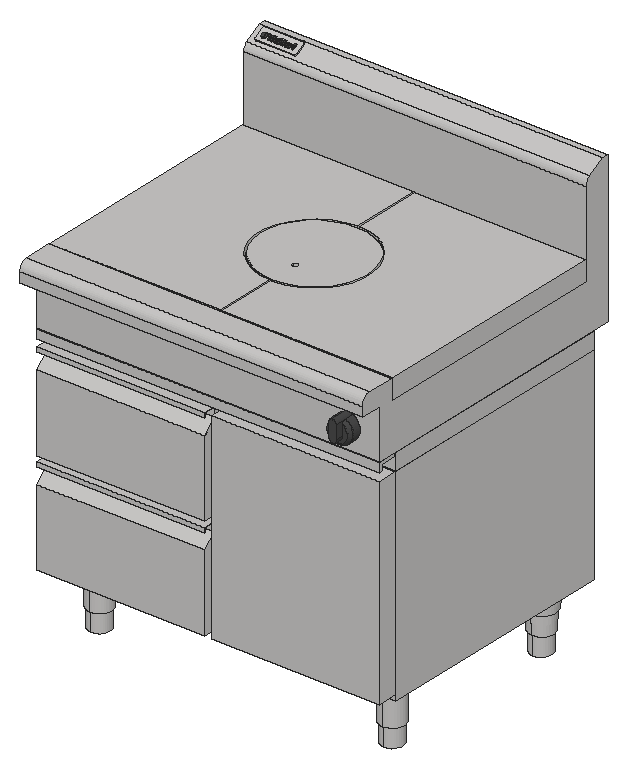
Revit family "QF_MOFFAT WALDORF_RN8100G-RB", category Specialty Equipment, Revit 2012
Parameters
  Width = 900 mm
  Weight in Pounds = 489.4256
  Watts = 250 W
  Volts = 240 V
  URL Cutsheet = "www.moffat.com"
  URL = "www.moffat.com"
  Type Mark [instance] = ""
  Status [instance] = ""
  Specification by User [instance] = ""
  Specification by Manufacturer = ""
  Show Logo [instance] = yes
  Show Clearance [instance] = yes
  Serial Number = ""
  Seismic Rating = ""
  SMACNA No = ""
  Revision Code [instance] = ""
  Phase = 1
  Omniclass Number and Title = ""
  Number of Poles = 1
  NAFEM Spec ID Number = ""
  Model = "RN8100G-RB"
  Min Ckt Ampacity = 0 A
  Mechanical Remarks = ""
  Mechanical Connection Type [instance] = ""
  Max Overcurrent Protection = 0 A
  Masterspec = ""
  Manufacturer = "MOFFAT WALDORF"
  Item Number [instance] = ""
  Installed By [instance] = ""
  Identify Quantity as Lot [instance] = yes
  Height = 1130 mm
  HP = ""
  Gas Size = 3/4"
  Gas RI Height [instance] = 0 mm
  Gas KW [instance] = 12.5
  Gas Input [instance] = 42652.0 Btu/h
  Gas Connection Height = 0 mm
  Furnished By [instance] = ""
  Foodservice Equipment Identifier [instance] = yes
  FL Amps = 1.8 A
  Electrical Remarks = ""
  Electric Connection Type = ""
  Elec Conn RI Height = 0 mm
  Elec Conn Connection Height = 0 mm
  Description = "TARGET TOP GAS HOB ON REFRIGERATED BASE"
  Depth = 805 mm
  Cycle = 50 Hz
  Conn Plug = ""
  Conn Conduit = yes
  CSI MasterFormat = ""
  CSI Master Format = ""
  Apparent Power = if(Phase = 3, Volts * FL Amps * 1.73, Volts * FL Amps)  # 432 VA
Reference planes
  plane 1 "BACK": y = 0
  plane 2: z = 0
  plane 3 "LEFT": x = 0
  plane 4 "RIGHT": x = 900
  plane 5 "FRONT": y = -805
  plane 6 "TOP": z = 1130
  plane 7 "Center Y": x = 450
  plane 8 "Center X": y = -402.5
  plane 9: x = 280
  plane 10: y = -574.272
  plane 11: x = 60
  plane 12: y = -304.972
  plane 13: y = -364.972
  plane 14: x = 74
  plane 15: y = -805
  plane 16: x = 834.5
  plane 17: y = -32
  plane 18: z = 655
  plane 19: x = 617
  plane 20: z = 402
  plane 21: y = -136
Forms (mm)
  Extrusion 1, solid, material "QF_Finishes_Stainless Steel"
    sketch origin (0, 0, 0) x (0, 1, 0) y (0, 0, 1)
      loop
        line (-46.73, 150) -> (-46.73, 690.402) -> (-696.73, 690.402) -> (-696.73, 150) -> (-46.73, 150)
      loop
        line (-16.5, 1130) -> (-58.709, 1105.631)
        arc (-58.709, 1105.631) -> (-66.975, 1097.365) -> (-70, 1086.074) r 22.582
        line (-70, 1086.074) -> (-70, 861.8) -> (-709, 861.8) -> (-709, 915) -> (-781, 915)
        arc (-781, 915) -> (-797.971, 907.971) -> (-805, 891) r 24
        line (-805, 891) -> (-805, 866) -> (-749, 866) -> (-749, 736.219) -> (0, 736.219) -> (0, 1130) -> (-16.5, 1130)
      loop
        line (-749, 710) -> (-740.224, 710) -> (-742.613, 726.999) -> (-700.93, 726.999) -> (-700.93, 734.003) -> (-749, 734.003) -> (-749, 710)
      loop
        line (-696.73, 734.003) -> (-696.73, 691.402) -> (-46.73, 691.402) -> (-46.73, 734.003) -> (-696.73, 734.003)
    from 0 to 900
  Extrusion 2, solid, material "QF_Finishes_Stainless Steel"
    sketch origin (0, 0, 0) x (0, 1, 0) y (0, 0, 1)
      loop
        line (-699, 690) -> (-749, 690) -> (-749, 678) -> (-747, 678) -> (-747, 688) -> (-715.13, 688) -> (-715.13, 665) -> (-749, 636.579) -> (-749, 434.8) -> (-699, 434.8) -> (-699, 690)
      loop
        line (-749, 165) -> (-699, 165) -> (-699, 420.2) -> (-749, 420.2) -> (-749, 408.2) -> (-747, 408.2) -> (-747, 418.2) -> (-715.13, 418.2) -> (-715.13, 395.2) -> (-749, 366.779) -> (-749, 165)
    from 0 to 440
  Extrusion 3, solid, material "QF_Finishes_Stainless Steel"
    sketch origin (723.5, 0, 0) x (0, 1, 0) y (0, 0, 1)
      loop
        line (-699, 690) -> (-749, 690) -> (-749, 165) -> (-699, 165) -> (-699, 690)
    from -263.5 to 176.5
  Extrusion 4, solid, material "QF_Finishes_Stainless Steel"
    sketch origin (0, 0, 0) x (0, 1, 0) y (0, 0, 1)
      loop
        line (-72.734, 915) -> (-705.7, 915) -> (-705.7, 862.8) -> (-72.734, 862.8) -> (-72.734, 915)
    from 0 to 900
  Revolve 5, solid, material "QF_Finishes_Black"
    sketch origin (824.351, 38.874, 1.132) x (0, 1, 0) y (0, 0, 1)
      loop
        line (-820.874, 829.5) -> (-831.874, 823.651) -> (-831.874, 797) -> (-787.874, 797) -> (-787.874, 802) -> (-797.874, 802) -> (-797.874, 829.5) -> (-820.874, 829.5)
      axis (-831.874, 797) -> (-787.874, 797)
    angle from 0 to 360
  Extrusion 6, solid, material "QF_Finishes_Black"
    sketch origin (676.544, 0, 1.132) x (1, 0, 0) y (0, 0, 1)
      loop
        line (158.3, 789) -> (158.3, 824)
        arc (158.3, 824) -> (148.3, 834) -> (138.3, 824) r 10
        line (138.3, 824) -> (138.3, 789)
        arc (138.3, 789) -> (148.3, 779) -> (158.3, 789) r 10
    from 759 to 808
  Extrusion 7, void
    sketch origin (0, -138, 915) x (1, 0, 0) y (0, -1, 0)
      loop
        circle (450, 262.2) r 140
      loop
        arc (452.2, 117.22) -> (594.802, 262.404) -> (451.798, 407.193) r 145.003
        line (451.798, 407.193) -> (451.798, 567.7) -> (447.7, 567.7) -> (447.7, 407.17)
        arc (447.7, 407.17) -> (305.533, 262.063) -> (447.967, 117.217) r 145.002
        line (447.967, 117.217) -> (447.967, -65.266) -> (452.2, -65.266) -> (452.2, 117.22)
      loop
        circle (450, 324.79) r 7.524
    from 0 to 10
  Revolve 8, solid, material "QF_Finishes_Stainless Steel"
    sketch origin (834.5, -696.126, 0) x (0, 1, 0) y (0, 0, -1)
      loop
        line (39.376, -150) -> (71.126, -150) -> (71.126, 0) -> (43.626, 0) -> (43.626, -50) -> (39.376, -50) -> (39.376, -150)
      axis (71.126, -150) -> (71.126, 0)
    angle from 0 to 360
  Revolve 9, solid, material "QF_Finishes_Stainless Steel"
    sketch origin (65.5, -696.126, 0) x (0, 1, 0) y (0, 0, 1)
      loop
        line (39.376, 150) -> (39.376, 50) -> (43.626, 50) -> (43.626, 0) -> (71.126, 0) -> (71.126, 150) -> (39.376, 150)
      axis (71.126, 150) -> (71.126, 0)
    angle from 0 to 360
  Extrusion 10, solid, material "QF_Finishes_Stainless Steel"
    sketch origin (-64.5, 0, 325) x (1, 0, 0) y (0, 1, 0)
      loop
        circle (834.5, -32) r 10
    from 330 to 411.219
  Revolve 11, solid, material "QF_Finishes_Stainless Steel"
    sketch origin (834.5, -201, 0) x (0, 1, 0) y (0, 0, -1)
      loop
        line (33.25, -50) -> (31.418, -102.468) -> (26.406, -102.468) -> (22.247, -150) -> (65, -150) -> (65, 0) -> (37.5, 0) -> (37.5, -50) -> (33.25, -50)
      axis (65, -150) -> (65, 0)
    angle from 0 to 360
  Revolve 12, solid, material "QF_Finishes_Stainless Steel"
    sketch origin (65.5, -201, 0) x (0, 1, 0) y (0, 0, 1)
      loop
        line (31.418, 102.468) -> (33.25, 50) -> (37.5, 50) -> (37.5, 0) -> (65, 0) -> (65, 150) -> (22.247, 150) -> (26.406, 102.468) -> (31.418, 102.468)
      axis (65, 150) -> (65, 0)
    angle from 0 to 360
  Extrusion 13, solid, material "QF_Finishes_Stainless Steel"
    sketch origin (0, -46.73, 826) x (0, 0, 1) y (1, 0, 0)
      loop
        circle (-424, 617) r 15
    from 0 to 5
  Extrusion 14, solid, material "QF_Door-Drawer Clearances", visible <- "Show Clearance", detail levels coarse
    sketch origin (0, -749, 676) x (0, 0, -1) y (1, 0, 0)
      loop
        line (511, 440) -> (255.8, 440) -> (255.8, 0) -> (511, 0) -> (511, 440)
      loop
        line (241.2, 440) -> (-14, 440) -> (-14, 0) -> (241.2, 0) -> (241.2, 440)
    from 0 to 304.8
Cuts and joins
  Extrusion 7 cuts Extrusion 1
  Extrusion 7 cuts Extrusion 4
Lines and regions (mm)
  Split face 1
    outline origin (0, -16.5, 1130) x (0, -0.866025, -0.5) y (1, 0, 0)
      loop
        line (1.962, 129.583) -> (34.599, 129.583) -> (34.599, 149.583) -> (1.962, 149.583) -> (1.962, 129.583)
  Split face 2
    outline origin (0, -16.5, 1130) x (0, -0.866025, -0.5) y (1, 0, 0)
      loop
        line (34.599, 156.5) -> (34.599, 176.5) -> (1.962, 176.5) -> (1.962, 156.5) -> (34.599, 156.5)
  Split face 3
    outline origin (0, -16.5, 1130) x (0, -0.866025, -0.5) y (1, 0, 0)
      loop
        line (34.599, 203.5) -> (1.962, 203.5) -> (1.962, 183.5) -> (34.599, 183.5) -> (34.599, 203.5)
  Split face 4
    outline origin (0, -16.5, 1130) x (0, -0.866025, -0.5) y (1, 0, 0)
      loop
        line (34.599, 230.5) -> (1.962, 230.5) -> (1.962, 210.5) -> (34.599, 210.5) -> (34.599, 230.5)
  Split face 5
    outline origin (0, -16.5, 1130) x (0, -0.866025, -0.5) y (1, 0, 0)
      loop
        line (34.599, 257.5) -> (1.962, 257.5) -> (1.962, 237.5) -> (34.599, 237.5) -> (34.599, 257.5)
  Split face 6
    outline origin (0, -16.5, 1130) x (0, -0.866025, -0.5) y (1, 0, 0)
      loop
        line (34.599, 264.5) -> (34.599, 284.5) -> (1.962, 284.5) -> (1.962, 264.5) -> (34.599, 264.5)
  Split face 7
    outline origin (0, -16.5, 1130) x (0, -0.866025, -0.5) y (1, 0, 0)
      loop
        line (34.599, 311.5) -> (1.962, 311.5) -> (1.962, 291.5) -> (34.599, 291.5) -> (34.599, 311.5)
  Split face 8
    outline origin (0, -16.5, 1130) x (0, -0.866025, -0.5) y (1, 0, 0)
      loop
        line (1.962, 638.5) -> (1.962, 618.5) -> (34.599, 618.5) -> (34.599, 638.5) -> (1.962, 638.5)
  Split face 9
    outline origin (0, -16.5, 1130) x (0, -0.866025, -0.5) y (1, 0, 0)
      loop
        line (1.962, 645.5) -> (34.599, 645.5) -> (34.599, 665.5) -> (1.962, 665.5) -> (1.962, 645.5)
  Split face 10
    outline origin (0, -16.5, 1130) x (0, -0.866025, -0.5) y (1, 0, 0)
      loop
        line (34.599, 672.5) -> (34.599, 692.5) -> (1.962, 692.5) -> (1.962, 672.5) -> (34.599, 672.5)
  Split face 11
    outline origin (0, -16.5, 1130) x (0, -0.866025, -0.5) y (1, 0, 0)
      loop
        line (34.599, 699.5) -> (34.599, 719.5) -> (1.962, 719.5) -> (1.962, 699.5) -> (34.599, 699.5)
  Split face 12
    outline origin (0, -16.5, 1130) x (0, -0.866025, -0.5) y (1, 0, 0)
      loop
        line (34.599, 726.5) -> (34.599, 746.5) -> (1.962, 746.5) -> (1.962, 726.5) -> (34.599, 726.5)
  Split face 13
    outline origin (0, -16.5, 1130) x (0, -0.866025, -0.5) y (1, 0, 0)
      loop
        line (1.962, 753.5) -> (34.599, 753.5) -> (34.599, 773.5) -> (1.962, 773.5) -> (1.962, 753.5)
  Split face 14
    outline origin (29.312, -16.5, 1130) x (0, -0.866025, -0.5) y (1, 0, 0)
      loop
        line (34.599, 311.5) -> (1.962, 311.5) -> (1.962, 291.5) -> (34.599, 291.5) -> (34.599, 311.5)
  Split face 15
    outline origin (58.539, -16.5, 1130) x (0, -0.866025, -0.5) y (1, 0, 0)
      loop
        line (34.599, 311.5) -> (1.962, 311.5) -> (1.962, 291.5) -> (34.599, 291.5) -> (34.599, 311.5)
  Split face 16
    outline origin (85.538, -16.5, 1130) x (0, -0.866025, -0.5) y (1, 0, 0)
      loop
        line (34.599, 311.5) -> (1.962, 311.5) -> (1.962, 291.5) -> (34.599, 291.5) -> (34.599, 311.5)
  Split face 17
    outline origin (111.014, -16.5, 1130) x (0, -0.866025, -0.5) y (1, 0, 0)
      loop
        line (34.599, 311.5) -> (1.962, 311.5) -> (1.962, 291.5) -> (34.599, 291.5) -> (34.599, 311.5)
  Split face 18
    outline origin (137.462, -16.5, 1130) x (0, -0.866025, -0.5) y (1, 0, 0)
      loop
        line (34.599, 311.5) -> (1.962, 311.5) -> (1.962, 291.5) -> (34.599, 291.5) -> (34.599, 311.5)
  Split face 19
    outline origin (163.546, -16.5, 1130) x (0, -0.866025, -0.5) y (1, 0, 0)
      loop
        line (34.599, 311.5) -> (1.962, 311.5) -> (1.962, 291.5) -> (34.599, 291.5) -> (34.599, 311.5)
  Split face 20
    outline origin (189.443, -16.5, 1130) x (0, -0.866025, -0.5) y (1, 0, 0)
      loop
        line (34.599, 311.5) -> (1.962, 311.5) -> (1.962, 291.5) -> (34.599, 291.5) -> (34.599, 311.5)
  Split face 21
    outline origin (215.891, -16.5, 1130) x (0, -0.866025, -0.5) y (1, 0, 0)
      loop
        line (34.599, 311.5) -> (1.962, 311.5) -> (1.962, 291.5) -> (34.599, 291.5) -> (34.599, 311.5)
  Split face 22
    outline origin (246.196, -16.5, 1130) x (0, -0.866025, -0.5) y (1, 0, 0)
      loop
        line (34.599, 311.5) -> (1.962, 311.5) -> (1.962, 291.5) -> (34.599, 291.5) -> (34.599, 311.5)
  Split face 23
    outline origin (274.297, -16.5, 1130) x (0, -0.866025, -0.5) y (1, 0, 0)
      loop
        line (34.599, 311.5) -> (1.962, 311.5) -> (1.962, 291.5) -> (34.599, 291.5) -> (34.599, 311.5)
  Split face 24
    outline origin (299.643, -16.5, 1130) x (0, -0.866025, -0.5) y (1, 0, 0)
      loop
        line (34.599, 311.5) -> (1.962, 311.5) -> (1.962, 291.5) -> (34.599, 291.5) -> (34.599, 311.5)
  Split face 25
    outline origin (738.5, -749, 676) x (0, 0, -1) y (1, 0, 0)
      loop
        circle (252.392, -256.833) r 12
  Split face 26
    outline origin (723.5, -749, 676) x (0, 0, -1) y (1, 0, 0)
      loop
        line (41.995, -123.718) -> (57.195, -123.718) -> (57.195, 124.006) -> (41.995, 124.006) -> (41.995, -123.718)
  Split face 27
    outline origin (723.5, -749, 676) x (0, 0, -1) y (1, 0, 0)
      loop
        line (76.995, 124.016) -> (61.795, 124.016) -> (61.795, -123.709) -> (76.995, -123.709) -> (76.995, 124.016)
  Split face 28
    outline origin (723.5, -749, 626) x (0, 0, -1) y (1, 0, 0)
      loop
        line (41.995, -123.718) -> (57.195, -123.718) -> (57.195, 124.006) -> (41.995, 124.006) -> (41.995, -123.718)
  Split face 29
    outline origin (723.5, -749, 626) x (0, 0, -1) y (1, 0, 0)
      loop
        line (76.995, 124.016) -> (61.795, 124.016) -> (61.795, -123.709) -> (76.995, -123.709) -> (76.995, 124.016)
  Split face 30
    outline origin (723.5, -749, 527.25) x (0, 0, -1) y (1, 0, 0)
      loop
        line (41.995, -123.718) -> (57.195, -123.718) -> (57.195, 124.006) -> (41.995, 124.006) -> (41.995, -123.718)
  Split face 31
    outline origin (723.5, -749, 527.25) x (0, 0, -1) y (1, 0, 0)
      loop
        line (76.995, 124.016) -> (61.795, 124.016) -> (61.795, -123.709) -> (76.995, -123.709) -> (76.995, 124.016)
  Split face 32
    outline origin (723.5, -749, 477.25) x (0, 0, -1) y (1, 0, 0)
      loop
        line (41.995, -123.718) -> (57.195, -123.718) -> (57.195, 124.006) -> (41.995, 124.006) -> (41.995, -123.718)
  Split face 33
    outline origin (723.5, -749, 477.25) x (0, 0, -1) y (1, 0, 0)
      loop
        line (76.995, 124.016) -> (61.795, 124.016) -> (61.795, -123.709) -> (76.995, -123.709) -> (76.995, 124.016)
  Split face 34
    outline origin (723.5, -749, 427.25) x (0, 0, -1) y (1, 0, 0)
      loop
        line (41.995, -123.718) -> (57.195, -123.718) -> (57.195, 124.006) -> (41.995, 124.006) -> (41.995, -123.718)
  Split face 35
    outline origin (723.5, -749, 427.25) x (0, 0, -1) y (1, 0, 0)
      loop
        line (76.995, 124.016) -> (61.795, 124.016) -> (61.795, -123.709) -> (76.995, -123.709) -> (76.995, 124.016)
  Split face 36
    outline origin (723.5, -749, 377.25) x (0, 0, -1) y (1, 0, 0)
      loop
        line (41.995, -123.718) -> (57.195, -123.718) -> (57.195, 124.006) -> (41.995, 124.006) -> (41.995, -123.718)
  Split face 37
    outline origin (723.5, -749, 377.25) x (0, 0, -1) y (1, 0, 0)
      loop
        line (76.995, 124.016) -> (61.795, 124.016) -> (61.795, -123.709) -> (76.995, -123.709) -> (76.995, 124.016)
  Split face 38
    outline origin (723.5, -749, 676) x (0, 0, -1) y (1, 0, 0)
      loop
        circle (252.392, -241.833) r 2.802
  Split face 39
    outline origin (723.5, -749, 676) x (0, 0, -1) y (1, 0, 0)
      loop
        line (139.528, -30.303) -> (174.528, -30.303) -> (174.528, 56.898) -> (139.528, 56.898) -> (139.528, -30.303)
  Split face 40
    outline origin (723.5, -749, 676) x (0, 0, -1) y (1, 0, 0)
      loop
        line (145.571, -4.64) -> (168.235, -4.64) -> (168.235, 31.41) -> (145.571, 31.41) -> (145.571, -4.64)
  Split face 41
    outline origin (723.5, -749, 676) x (0, 0, -1) y (1, 0, 0)
      loop
        line (139.528, -77.279) -> (174.528, -77.279) -> (174.528, -44.492) -> (139.528, -44.492) -> (139.528, -77.279)
  symbolic lines
    curve 1: line (0, 0, 0) -> (0, -805, 0)
    curve 2: line (900, 0, 0) -> (0, 0, 0)
    curve 3: line (900, -805, 0) -> (900, 0, 0)
    curve 4: line (0, -70, 0) -> (900, -70, 0)
    curve 5: line (12.5, -51.234, 0) -> (12.5, -20.958, 0)
    curve 6: line (12.5, -20.958, 0) -> (121.5, -20.958, 0)
    curve 7: line (12.5, -51.234, 0) -> (121.5, -51.234, 0)
    curve 8: line (121.5, -20.958, 0) -> (121.5, -51.234, 0)
    curve 9: line (129.583, -22.262, 0) -> (129.583, -50.526, 0)
    curve 10: line (129.583, -50.526, 0) -> (149.583, -50.526, 0)
    curve 11: line (149.583, -50.526, 0) -> (149.583, -22.262, 0)
    curve 12: line (149.583, -22.262, 0) -> (129.583, -22.262, 0)
    curve 13: line (156.5, -22.262, 0) -> (156.5, -50.526, 0)
    curve 14: line (156.5, -50.526, 0) -> (176.5, -50.526, 0)
    curve 15: line (176.5, -50.526, 0) -> (176.5, -22.262, 0)
    curve 16: line (176.5, -22.262, 0) -> (156.5, -22.262, 0)
    curve 17: line (183.5, -22.262, 0) -> (183.5, -50.526, 0)
    curve 18: line (183.5, -50.526, 0) -> (203.5, -50.526, 0)
    curve 19: line (203.5, -50.526, 0) -> (203.5, -22.262, 0)
    curve 20: line (203.5, -22.262, 0) -> (183.5, -22.262, 0)
    curve 21: line (210.5, -22.262, 0) -> (210.5, -50.526, 0)
    curve 22: line (210.5, -50.526, 0) -> (230.5, -50.526, 0)
    curve 23: line (230.5, -50.526, 0) -> (230.5, -22.262, 0)
    curve 24: line (230.5, -22.262, 0) -> (210.5, -22.262, 0)
    curve 25: line (900, -805, 0) -> (0, -805, 0)
    curve 26: line (237.5, -22.262, 0) -> (237.5, -50.526, 0)
    curve 27: line (237.5, -50.526, 0) -> (257.5, -50.526, 0)
    curve 28: line (257.5, -50.526, 0) -> (257.5, -22.262, 0)
    curve 29: line (257.5, -22.262, 0) -> (237.5, -22.262, 0)
    curve 30: line (264.417, -22.262, 0) -> (264.417, -50.526, 0)
    curve 31: line (264.417, -50.526, 0) -> (284.417, -50.526, 0)
    curve 32: line (284.417, -50.526, 0) -> (284.417, -22.262, 0)
    curve 33: line (284.417, -22.262, 0) -> (264.417, -22.262, 0)
    curve 34: line (291.417, -22.262, 0) -> (291.417, -50.526, 0)
    curve 35: line (291.417, -50.526, 0) -> (311.417, -50.526, 0)
    curve 36: line (311.417, -50.526, 0) -> (311.417, -22.262, 0)
    curve 37: line (311.417, -22.262, 0) -> (291.417, -22.262, 0)
    curve 38: line (318.417, -22.262, 0) -> (318.417, -50.526, 0)
    curve 39: line (318.417, -50.526, 0) -> (338.417, -50.526, 0)
    curve 40: line (338.417, -50.526, 0) -> (338.417, -22.262, 0)
    curve 41: line (338.417, -22.262, 0) -> (318.417, -22.262, 0)
    curve 42: line (350.039, -22.262, 0) -> (350.039, -50.526, 0)
    curve 43: line (350.039, -50.526, 0) -> (370.039, -50.526, 0)
    curve 44: line (370.039, -50.526, 0) -> (370.039, -22.262, 0)
    curve 45: line (370.039, -22.262, 0) -> (350.039, -22.262, 0)
    curve 46: line (376.956, -22.262, 0) -> (376.956, -50.526, 0)
    curve 47: line (376.956, -50.526, 0) -> (396.956, -50.526, 0)
    curve 48: line (396.956, -50.526, 0) -> (396.956, -22.262, 0)
    curve 49: line (396.956, -22.262, 0) -> (376.956, -22.262, 0)
    curve 50: line (403.956, -22.262, 0) -> (403.956, -50.526, 0)
    curve 51: line (403.956, -50.526, 0) -> (423.956, -50.526, 0)
    curve 52: line (423.956, -50.526, 0) -> (423.956, -22.262, 0)
    curve 53: line (423.956, -22.262, 0) -> (403.956, -22.262, 0)
    curve 54: line (430.956, -22.262, 0) -> (430.956, -50.526, 0)
    curve 55: line (430.956, -50.526, 0) -> (450.956, -50.526, 0)
    curve 56: line (450.956, -50.526, 0) -> (450.956, -22.262, 0)
    curve 57: line (450.956, -22.262, 0) -> (430.956, -22.262, 0)
    curve 58: line (457.956, -22.262, 0) -> (457.956, -50.526, 0)
    curve 59: line (457.956, -50.526, 0) -> (477.956, -50.526, 0)
    curve 60: line (477.956, -50.526, 0) -> (477.956, -22.262, 0)
    curve 61: line (477.956, -22.262, 0) -> (457.956, -22.262, 0)
    curve 62: line (484.872, -22.262, 0) -> (484.872, -50.526, 0)
    curve 63: line (484.872, -50.526, 0) -> (504.872, -50.526, 0)
    curve 64: line (504.872, -50.526, 0) -> (504.872, -22.262, 0)
    curve 65: line (504.872, -22.262, 0) -> (484.872, -22.262, 0)
    curve 66: line (511.872, -22.262, 0) -> (511.872, -50.526, 0)
    curve 67: line (511.872, -50.526, 0) -> (531.872, -50.526, 0)
    curve 68: line (531.872, -50.526, 0) -> (531.872, -22.262, 0)
    curve 69: line (531.872, -22.262, 0) -> (511.872, -22.262, 0)
    curve 70: line (538.872, -22.262, 0) -> (538.872, -50.526, 0)
    curve 71: line (538.872, -50.526, 0) -> (558.872, -50.526, 0)
    curve 72: line (558.872, -50.526, 0) -> (558.872, -22.262, 0)
    curve 73: line (558.872, -22.262, 0) -> (538.872, -22.262, 0)
    curve 74: line (565.797, -22.262, 0) -> (565.797, -50.526, 0)
    curve 75: line (565.797, -50.526, 0) -> (585.797, -50.526, 0)
    curve 76: line (585.797, -50.526, 0) -> (585.797, -22.262, 0)
    curve 77: line (585.797, -22.262, 0) -> (565.797, -22.262, 0)
    curve 78: line (592.714, -22.262, 0) -> (592.714, -50.526, 0)
    curve 79: line (592.714, -50.526, 0) -> (612.714, -50.526, 0)
    curve 80: line (612.714, -50.526, 0) -> (612.714, -22.262, 0)
    curve 81: line (612.714, -22.262, 0) -> (592.714, -22.262, 0)
    curve 82: line (619.714, -22.262, 0) -> (619.714, -50.526, 0)
    curve 83: line (619.714, -50.526, 0) -> (639.714, -50.526, 0)
    curve 84: line (639.714, -50.526, 0) -> (639.714, -22.262, 0)
    curve 85: line (639.714, -22.262, 0) -> (619.714, -22.262, 0)
    curve 86: line (646.714, -22.262, 0) -> (646.714, -50.526, 0)
    curve 87: line (646.714, -50.526, 0) -> (666.714, -50.526, 0)
    curve 88: line (666.714, -50.526, 0) -> (666.714, -22.262, 0)
    curve 89: line (666.714, -22.262, 0) -> (646.714, -22.262, 0)
    curve 90: line (673.714, -22.262, 0) -> (673.714, -50.526, 0)
    curve 91: line (673.714, -50.526, 0) -> (693.714, -50.526, 0)
    curve 92: line (693.714, -50.526, 0) -> (693.714, -22.262, 0)
    curve 93: line (693.714, -22.262, 0) -> (673.714, -22.262, 0)
    curve 94: line (700.631, -22.262, 0) -> (700.631, -50.526, 0)
    curve 95: line (700.631, -50.526, 0) -> (720.631, -50.526, 0)
    curve 96: line (720.631, -50.526, 0) -> (720.631, -22.262, 0)
    curve 97: line (720.631, -22.262, 0) -> (700.631, -22.262, 0)
    curve 98: line (727.631, -22.262, 0) -> (727.631, -50.526, 0)
    curve 99: line (727.631, -50.526, 0) -> (747.631, -50.526, 0)
    curve 100: line (747.631, -50.526, 0) -> (747.631, -22.262, 0)
    curve 101: line (747.631, -22.262, 0) -> (727.631, -22.262, 0)
    curve 102: line (754.631, -22.262, 0) -> (754.631, -50.526, 0)
    curve 103: line (754.631, -50.526, 0) -> (774.631, -50.526, 0)
    curve 104: line (774.631, -50.526, 0) -> (774.631, -22.262, 0)
    curve 105: line (774.631, -22.262, 0) -> (754.631, -22.262, 0)
    curve 106: line (447.967, -72.734, 0) -> (447.967, -255.217, 0)
    curve 107: arc (452.2, -255.22, 0) -> (594.802, -400.404, 0) -> (451.798, -545.193, 0) r 145.003
    curve 108: line (452.2, -255.22, 0) -> (452.2, -72.734, 0)
    curve 109: arc (590, -400.2, 0) -> (450, -260.2, 0) -> (310, -400.2, 0) r 140
    curve 110: arc (447.7, -545.17, 0) -> (305.533, -400.063, 0) -> (447.967, -255.217, 0) r 145.002
    curve 111: arc (310, -400.2, 0) -> (450, -540.2, 0) -> (590, -400.2, 0) r 140
    curve 112: line (451.798, -705.7, 0) -> (451.798, -545.193, 0)
    curve 113: line (447.7, -545.17, 0) -> (447.7, -705.7, 0)
    curve 114: line (900, -709, 0) -> (0, -709, 0)
    curve 115: line (0, -705.7, 0) -> (900, -705.7, 0)
    curve 116: line (900, -72.734, 0) -> (0, -72.734, 0)
    curve 117: arc (442.476, -462.79, 0) -> (450, -455.266, 0) -> (457.524, -462.79, 0) r 7.524
    curve 118: arc (457.524, -462.79, 0) -> (450, -470.314, 0) -> (442.476, -462.79, 0) r 7.524
  symbolic lines, style "QF_Door-Drawer Clearances", visible <- "Show Clearance"
    curve 119: line (0, -1053.8, 0) -> (440, -1053.8, 0)
    curve 120: line (440, -1053.8, 0) -> (440, -805, 0)
    curve 121: line (0, -1053.8, 0) -> (0, -805, 0)
Dimensions and locks
  equal spacing: plane 3 "LEFT", plane 7 "Center Y", plane 4 "RIGHT"
  "Width": plane 3 "LEFT" to plane 4 "RIGHT"
  equal spacing: plane 5 "FRONT", plane 8 "Center X", plane 1 "BACK"
  plane 5 "FRONT" to plane 1 "BACK" = 805 mm  (x2)
  equal spacing: plane 4 "RIGHT", plane 7 "Center Y", plane 3 "LEFT"
  plane 4 "RIGHT" to plane 3 "LEFT" = 900 mm
  "Height": plane 6 "TOP" to level
  plane 10 to plane 1 "BACK" = 574.272 mm
  plane 12 to plane 1 "BACK" = 304.972 mm  (x2)
  plane 11 to plane 3 "LEFT" = 60 mm
  plane 14 to plane 3 "LEFT" = 74 mm
  plane 9 to plane 3 "LEFT" = 280 mm
  "Depth": plane 1 "BACK" to plane 15
  plane 15 to plane 5 "FRONT" = 0 mm
  plane 6 "TOP" to plane 2 = 1130 mm
  cut or joined group of Extrusion 1, Extrusion 7 to level = 915 mm
  level to cut or joined group of Extrusion 1, Extrusion 7 = 150 mm
  plane 19 to plane 4 "RIGHT" = 283 mm
  aligned and locked: level to plane 2
  aligned and locked: curve 3 to plane 4 "RIGHT"
  aligned and locked: Extrusion 1 to Extrusion 4  (x2)
Automatic sketch dimensions
  Extrusion 1 to Split face 1 sketch curve = 1.962 mm
  Split face 1 sketch curve to Extrusion 1 = 14.14 mm
  Split face 1 sketch curve to Extrusion 1 = 129.583 mm
  Split face 1 sketch curve to Split face 1 sketch curve = 20 mm
  Extrusion 1 to Split face 2 sketch curve = 1.962 mm
  Split face 2 sketch curve to Extrusion 1 = 14.14 mm
  Split face 2 sketch curve to Extrusion 1 = 156.5 mm
  Split face 2 sketch curve to Split face 2 sketch curve = 20 mm
  Extrusion 1 to Split face 3 sketch curve = 1.962 mm
  Split face 3 sketch curve to Extrusion 1 = 14.14 mm
  Split face 3 sketch curve to Extrusion 1 = 183.5 mm
  Split face 3 sketch curve to Split face 3 sketch curve = 20 mm
  Extrusion 1 to Split face 4 sketch curve = 1.962 mm
  Split face 4 sketch curve to Extrusion 1 = 14.14 mm
  Split face 4 sketch curve to Extrusion 1 = 210.5 mm
  Split face 4 sketch curve to Split face 4 sketch curve = 20 mm
  Extrusion 1 to Split face 5 sketch curve = 1.962 mm
  Split face 5 sketch curve to Extrusion 1 = 14.14 mm
  Split face 5 sketch curve to Extrusion 1 = 237.5 mm
  Split face 5 sketch curve to Split face 5 sketch curve = 20 mm
  Extrusion 1 to Split face 6 sketch curve = 1.962 mm
  Split face 6 sketch curve to Extrusion 1 = 14.14 mm
  Split face 6 sketch curve to Extrusion 1 = 264.5 mm
  Split face 6 sketch curve to Split face 6 sketch curve = 20 mm
  Extrusion 1 to Split face 7 sketch curve = 1.962 mm
  Split face 7 sketch curve to Extrusion 1 = 14.14 mm
  Split face 7 sketch curve to Extrusion 1 = 291.5 mm
  Split face 7 sketch curve to Split face 7 sketch curve = 20 mm
  Extrusion 1 to Split face 8 sketch curve = 1.962 mm
  Split face 8 sketch curve to Extrusion 1 = 14.14 mm
  Split face 8 sketch curve to Extrusion 1 = 281.5 mm
  Split face 8 sketch curve to Split face 8 sketch curve = 20 mm
  Extrusion 1 to Split face 9 sketch curve = 1.962 mm
  Split face 9 sketch curve to Extrusion 1 = 14.14 mm
  Split face 9 sketch curve to Extrusion 1 = 254.5 mm
  Split face 9 sketch curve to Split face 9 sketch curve = 20 mm
  Extrusion 1 to Split face 10 sketch curve = 1.962 mm
  Split face 10 sketch curve to Extrusion 1 = 14.14 mm
  Split face 10 sketch curve to Extrusion 1 = 227.5 mm
  Split face 10 sketch curve to Split face 10 sketch curve = 20 mm
  Extrusion 1 to Split face 11 sketch curve = 1.962 mm
  Split face 11 sketch curve to Extrusion 1 = 14.14 mm
  Split face 11 sketch curve to Extrusion 1 = 200.5 mm
  Split face 11 sketch curve to Split face 11 sketch curve = 20 mm
  Extrusion 1 to Split face 12 sketch curve = 1.962 mm
  Split face 12 sketch curve to Extrusion 1 = 14.14 mm
  Split face 12 sketch curve to Extrusion 1 = 173.5 mm
  Split face 12 sketch curve to Split face 12 sketch curve = 20 mm
  Extrusion 1 to Split face 13 sketch curve = 1.962 mm
  Split face 13 sketch curve to Extrusion 1 = 14.14 mm
  Split face 13 sketch curve to Extrusion 1 = 146.5 mm
  Split face 13 sketch curve to Split face 13 sketch curve = 20 mm
  Extrusion 2 sketch curve to plane 5 "FRONT" = 56 mm  (x2)
  Extrusion 2 sketch curve to plane 18 = 18.421 mm
  Extrusion 2 sketch curve to Extrusion 2 sketch curve = 0 mm  (x3)
  plane 20 to Extrusion 2 sketch curve = 6.2 mm
  Extrusion 2 sketch curve to Extrusion 2 sketch curve = 2 mm  (x4)
  Extrusion 2 sketch curve to plane 20 = 6.8 mm
  Extrusion 2 sketch curve to Extrusion 2 sketch curve = 31.87 mm  (x2)
  plane 18 to Extrusion 2 sketch curve = 10 mm
  Extrusion 2 sketch curve to Extrusion 2 sketch curve = 16.13 mm
  Extrusion 2 sketch curve to plane 20 = 35.221 mm
  level to Extrusion 2 sketch curve = 165 mm
  plane 20 to Extrusion 2 sketch curve = 16.2 mm
  Extrusion 2 sketch curve to Extrusion 2 sketch curve = 14.6 mm
  plane 18 to Extrusion 2 sketch curve = 23 mm
  Extrusion 2 sketch curve to Extrusion 2 sketch curve = 10 mm
  Extrusion 3 sketch curve to plane 5 "FRONT" = 56 mm
  Extrusion 3 sketch curve to Extrusion 3 sketch curve = 50 mm
  level to Extrusion 3 sketch curve = 165 mm
  plane 18 to Extrusion 3 sketch curve = 35 mm
  Extrusion 4 sketch curve to plane 5 "FRONT" = 99.3 mm
  Extrusion 4 sketch curve to plane 17 = 40.734 mm
  plane 18 to Extrusion 4 sketch curve = 207.8 mm
  Extrusion 4 sketch curve to Extrusion 4 sketch curve = 52.2 mm
  Extrusion 1 to Split face 14 sketch curve = 1.962 mm
  Split face 14 sketch curve to Extrusion 1 = 14.14 mm
  Split face 14 sketch curve to Extrusion 1 = 320.812 mm
  Split face 14 sketch curve to Split face 14 sketch curve = 20 mm
  Extrusion 1 to Split face 15 sketch curve = 1.962 mm
  Split face 15 sketch curve to Extrusion 1 = 14.14 mm
  Split face 15 sketch curve to Extrusion 1 = 350.039 mm
  Split face 15 sketch curve to Split face 15 sketch curve = 20 mm
  Extrusion 1 to Split face 16 sketch curve = 1.962 mm
  Split face 16 sketch curve to Extrusion 1 = 14.14 mm
  Split face 16 sketch curve to Extrusion 1 = 377.038 mm
  Split face 16 sketch curve to Split face 16 sketch curve = 20 mm
  Extrusion 1 to Split face 17 sketch curve = 1.962 mm
  Split face 17 sketch curve to Extrusion 1 = 14.14 mm
  Split face 17 sketch curve to Extrusion 1 = 402.514 mm
  Split face 17 sketch curve to Split face 17 sketch curve = 20 mm
  Extrusion 1 to Split face 18 sketch curve = 1.962 mm
  Split face 18 sketch curve to Extrusion 1 = 14.14 mm
  Split face 18 sketch curve to Extrusion 1 = 428.962 mm
  Split face 18 sketch curve to Split face 18 sketch curve = 20 mm
  Extrusion 1 to Split face 19 sketch curve = 1.962 mm
  Split face 19 sketch curve to Extrusion 1 = 14.14 mm
  Split face 19 sketch curve to Extrusion 1 = 444.954 mm
  Split face 19 sketch curve to Split face 19 sketch curve = 20 mm
  Extrusion 1 to Split face 20 sketch curve = 1.962 mm
  Split face 20 sketch curve to Extrusion 1 = 14.14 mm
  Split face 20 sketch curve to Extrusion 1 = 419.057 mm
  Split face 20 sketch curve to Split face 20 sketch curve = 20 mm
  Extrusion 1 to Split face 21 sketch curve = 1.962 mm
  Split face 21 sketch curve to Extrusion 1 = 14.14 mm
  Split face 21 sketch curve to Extrusion 1 = 392.609 mm
  Split face 21 sketch curve to Split face 21 sketch curve = 20 mm
  Extrusion 1 to Split face 22 sketch curve = 1.962 mm
  Split face 22 sketch curve to Extrusion 1 = 14.14 mm
  Split face 22 sketch curve to Extrusion 1 = 362.304 mm
  Split face 22 sketch curve to Split face 22 sketch curve = 20 mm
  Extrusion 1 to Split face 23 sketch curve = 1.962 mm
  Split face 23 sketch curve to Extrusion 1 = 14.14 mm
  Split face 23 sketch curve to Extrusion 1 = 334.203 mm
  Split face 23 sketch curve to Split face 23 sketch curve = 20 mm
  Extrusion 1 to Split face 24 sketch curve = 1.962 mm
  Split face 24 sketch curve to Extrusion 1 = 14.14 mm
  Split face 24 sketch curve to Extrusion 1 = 308.857 mm
  Split face 24 sketch curve to Split face 24 sketch curve = 20 mm
  Revolve 5 sketch curve to plane 5 "FRONT" = 12 mm
  Revolve 5 sketch curve to Revolve 5 sketch curve = 0 mm  (x2)
  Revolve 5 sketch curve to Revolve 5 sketch curve = 11 mm
  Revolve 5 sketch curve to Revolve 5 sketch curve = 12.7 mm
  Revolve 5 sketch curve to Revolve 5 sketch curve = 23 mm
  Revolve 5 sketch curve to Revolve 5 sketch curve = 10 mm
  plane 18 to Revolve 5 sketch curve = 143.132 mm
  Revolve 5 sketch curve to Revolve 5 sketch curve = 5 mm
  Revolve 5 sketch curve to Revolve 5 sketch curve = 26.651 mm
  Revolve 5 sketch curve to Revolve 5 sketch curve = 5.849 mm
  Extrusion 6 sketch curve to plane 16 = 19.656 mm
  Extrusion 6 sketch curve to plane 16 = 9.656 mm
  plane 18 to Extrusion 6 sketch curve = 135.132 mm
  Extrusion 6 sketch curve to Extrusion 6 sketch curve = 35 mm
  Extrusion 7 sketch curve to Extrusion 4 = 0 mm
  Extrusion 4 to Extrusion 7 sketch curve = 0 mm
  Extrusion 4 to Extrusion 7 sketch curve = 160.53 mm
  Extrusion 4 to Extrusion 7 sketch curve = 447.7 mm
  Extrusion 4 to Extrusion 7 sketch curve = 447.967 mm
  Extrusion 7 sketch curve to Extrusion 7 sketch curve = 2.099 mm
  Extrusion 7 sketch curve to Extrusion 7 sketch curve = 0.201 mm  (x2)
  Extrusion 7 sketch curve to Extrusion 7 sketch curve = 0.535 mm
  Extrusion 7 sketch curve to Extrusion 7 sketch curve = 4.098 mm
  Extrusion 7 sketch curve to Extrusion 7 sketch curve = 4.232 mm
  Extrusion 7 sketch curve to Extrusion 7 sketch curve = 0.022 mm
  Extrusion 7 sketch curve to Extrusion 7 sketch curve = 82.38 mm
  Extrusion 7 sketch curve to Extrusion 7 sketch curve = 62.587 mm
  Extrusion 7 sketch curve to Extrusion 7 sketch curve = 0.003 mm
  Extrusion 7 sketch curve to Extrusion 7 sketch curve = 0.004 mm
  Revolve 8 sketch curve to level = 0 mm
  Revolve 8 sketch curve to plane 10 = 82.478 mm
  Revolve 8 sketch curve to Revolve 8 sketch curve = 4.25 mm
  Revolve 8 sketch curve to Revolve 8 sketch curve = 27.5 mm  (x2)
  level to Revolve 8 sketch curve = 50 mm
  Revolve 8 sketch curve to Revolve 8 sketch curve = 0 mm
  Revolve 8 sketch curve to Revolve 8 sketch curve = 100 mm
  Revolve 8 sketch curve to Revolve 8 sketch curve = 55 mm
  Revolve 9 sketch curve to level = 0 mm
  Revolve 9 sketch curve to plane 10 = 82.478 mm
  Revolve 9 sketch curve to Revolve 9 sketch curve = 4.25 mm
  Revolve 9 sketch curve to Revolve 9 sketch curve = 27.5 mm  (x2)
  Revolve 9 sketch curve to level = 55 mm
  Revolve 9 sketch curve to Revolve 9 sketch curve = 50 mm
  Revolve 9 sketch curve to Revolve 9 sketch curve = 0 mm
  Revolve 9 sketch curve to Revolve 9 sketch curve = 100 mm
  Extrusion 10 sketch curve to plane 17 = 0 mm
  Extrusion 10 sketch curve to plane 16 = 64.5 mm
  Split face 25 sketch curve to Extrusion 3 = 21.667 mm
  Split face 25 sketch curve to Extrusion 3 = 258.608 mm
  Split face 26 sketch curve to Extrusion 3 = 55.995 mm
  Split face 26 sketch curve to Split face 26 sketch curve = 15.2 mm
  Split face 26 sketch curve to Extrusion 3 = 139.782 mm
  Split face 26 sketch curve to Extrusion 3 = 52.494 mm
  Split face 27 sketch curve to Extrusion 3 = 75.795 mm
  Split face 27 sketch curve to Split face 27 sketch curve = 15.2 mm
  Split face 27 sketch curve to Extrusion 3 = 139.791 mm
  Split face 27 sketch curve to Extrusion 3 = 52.484 mm
  Split face 28 sketch curve to Extrusion 3 = 52.494 mm
  Split face 28 sketch curve to Extrusion 3 = 105.995 mm
  Split face 28 sketch curve to Split face 28 sketch curve = 15.2 mm
  Split face 28 sketch curve to Extrusion 3 = 139.782 mm
  Split face 29 sketch curve to Extrusion 3 = 52.484 mm
  Split face 29 sketch curve to Extrusion 3 = 125.795 mm
  Split face 29 sketch curve to Split face 29 sketch curve = 15.2 mm
  Split face 29 sketch curve to Extrusion 3 = 139.791 mm
  Split face 30 sketch curve to Extrusion 3 = 52.494 mm
  Split face 30 sketch curve to Extrusion 3 = 204.745 mm
  Split face 30 sketch curve to Split face 30 sketch curve = 15.2 mm
  Split face 30 sketch curve to Extrusion 3 = 139.782 mm
  Split face 31 sketch curve to Extrusion 3 = 52.484 mm
  Split face 31 sketch curve to Extrusion 3 = 224.545 mm
  Split face 31 sketch curve to Split face 31 sketch curve = 15.2 mm
  Split face 31 sketch curve to Extrusion 3 = 139.791 mm
  Split face 32 sketch curve to Extrusion 3 = 52.494 mm
  Split face 32 sketch curve to Extrusion 3 = 254.745 mm
  Split face 32 sketch curve to Split face 32 sketch curve = 15.2 mm
  Split face 32 sketch curve to Extrusion 3 = 139.782 mm
  Split face 33 sketch curve to Extrusion 3 = 52.484 mm
  Split face 33 sketch curve to Extrusion 3 = 250.455 mm
  Split face 33 sketch curve to Split face 33 sketch curve = 15.2 mm
  Split face 33 sketch curve to Extrusion 3 = 139.791 mm
  Split face 34 sketch curve to Extrusion 3 = 52.494 mm
  Split face 34 sketch curve to Extrusion 3 = 220.255 mm
  Split face 34 sketch curve to Split face 34 sketch curve = 15.2 mm
  Split face 34 sketch curve to Extrusion 3 = 139.782 mm
  Split face 35 sketch curve to Extrusion 3 = 52.484 mm
  Split face 35 sketch curve to Extrusion 3 = 200.455 mm
  Split face 35 sketch curve to Split face 35 sketch curve = 15.2 mm
  Split face 35 sketch curve to Extrusion 3 = 139.791 mm
  Split face 36 sketch curve to Extrusion 3 = 52.494 mm
  Split face 36 sketch curve to Extrusion 3 = 170.255 mm
  Split face 36 sketch curve to Split face 36 sketch curve = 15.2 mm
  Split face 36 sketch curve to Extrusion 3 = 139.782 mm
  Split face 37 sketch curve to Extrusion 3 = 52.484 mm
  Split face 37 sketch curve to Extrusion 3 = 150.455 mm
  Split face 37 sketch curve to Split face 37 sketch curve = 15.2 mm
  Split face 37 sketch curve to Extrusion 3 = 139.791 mm
  Split face 38 sketch curve to Extrusion 3 = 21.667 mm
  Split face 38 sketch curve to Extrusion 3 = 258.608 mm
  Split face 39 sketch curve to Extrusion 3 = 153.528 mm
  Split face 39 sketch curve to Split face 39 sketch curve = 35 mm
  Split face 39 sketch curve to Extrusion 3 = 206.803 mm
  Split face 39 sketch curve to Split face 39 sketch curve = 87.201 mm
  Split face 40 sketch curve to Extrusion 3 = 159.571 mm
  Split face 40 sketch curve to Split face 40 sketch curve = 22.664 mm
  Split face 40 sketch curve to Extrusion 3 = 181.14 mm
  Split face 40 sketch curve to Split face 40 sketch curve = 36.05 mm
  Split face 41 sketch curve to Extrusion 3 = 153.528 mm
  Split face 41 sketch curve to Split face 41 sketch curve = 35 mm
  Split face 41 sketch curve to Extrusion 3 = 186.221 mm
  Split face 41 sketch curve to Split face 41 sketch curve = 32.787 mm
  Revolve 11 sketch curve to level = 0 mm
  Revolve 11 sketch curve to plane 21 = 0 mm  (x2)
  Revolve 11 sketch curve to plane 21 = 27.5 mm
  Revolve 11 sketch curve to Revolve 11 sketch curve = 4.25 mm
  Revolve 11 sketch curve to plane 21 = 33.582 mm
  Revolve 11 sketch curve to Revolve 11 sketch curve = 5.012 mm
  Revolve 11 sketch curve to plane 21 = 42.753 mm
  level to Revolve 11 sketch curve = 50 mm
  Revolve 11 sketch curve to Revolve 11 sketch curve = 0 mm
  Revolve 11 sketch curve to Revolve 11 sketch curve = 52.468 mm
  Revolve 11 sketch curve to Revolve 11 sketch curve = 47.532 mm
  Revolve 11 sketch curve to Revolve 11 sketch curve = 55 mm
  Revolve 12 sketch curve to level = 0 mm
  Revolve 12 sketch curve to plane 21 = 0 mm  (x2)
  Revolve 12 sketch curve to plane 21 = 27.5 mm
  Revolve 12 sketch curve to Revolve 12 sketch curve = 4.25 mm
  Revolve 12 sketch curve to plane 21 = 33.582 mm
  Revolve 12 sketch curve to Revolve 12 sketch curve = 5.012 mm
  Revolve 12 sketch curve to plane 21 = 42.753 mm
  Revolve 12 sketch curve to Revolve 12 sketch curve = 0 mm  (x2)
  Revolve 12 sketch curve to level = 55 mm
  Revolve 12 sketch curve to Revolve 12 sketch curve = 50 mm
  Revolve 12 sketch curve to Revolve 12 sketch curve = 52.468 mm
  Revolve 12 sketch curve to Revolve 12 sketch curve = 47.532 mm
  Extrusion 1 sketch curve to plane 5 "FRONT" = 0 mm
  Extrusion 1 sketch curve to plane 6 "TOP" = 0 mm
  plane 1 "BACK" to Extrusion 1 sketch curve = 46.73 mm
  Extrusion 1 sketch curve to plane 1 "BACK" = 0 mm
  Extrusion 1 sketch curve to plane 5 "FRONT" = 24 mm
  Extrusion 1 sketch curve to Extrusion 1 sketch curve = 32 mm
  Extrusion 1 sketch curve to Extrusion 1 sketch curve = 0 mm  (x2)
  Extrusion 1 sketch curve to Extrusion 1 sketch curve = 6.387 mm
  Extrusion 1 sketch curve to Extrusion 1 sketch curve = 8.776 mm
  Extrusion 1 sketch curve to Extrusion 1 sketch curve = 40 mm
  Extrusion 1 sketch curve to Extrusion 1 sketch curve = 41.683 mm
  Extrusion 1 sketch curve to Extrusion 1 sketch curve = 4.2 mm
  Extrusion 1 sketch curve to plane 17 = 38 mm
  Extrusion 1 sketch curve to Extrusion 1 sketch curve = 11.291 mm
  Extrusion 1 sketch curve to plane 17 = 15.418 mm
  Extrusion 1 sketch curve to plane 17 = 14.73 mm
  plane 17 to Extrusion 1 sketch curve = 15.5 mm
  Extrusion 1 sketch curve to plane 6 "TOP" = 24.369 mm
  Extrusion 1 sketch curve to plane 6 "TOP" = 215 mm
  Extrusion 1 sketch curve to Extrusion 1 sketch curve = 25 mm
  plane 18 to Extrusion 1 sketch curve = 206.8 mm
  plane 18 to Extrusion 1 sketch curve = 81.219 mm
  Extrusion 1 sketch curve to Extrusion 1 sketch curve = 2.216 mm  (x2)
  Extrusion 1 sketch curve to Extrusion 1 sketch curve = 7.004 mm
  Extrusion 1 sketch curve to Extrusion 1 sketch curve = 16.999 mm
  Extrusion 1 sketch curve to Extrusion 1 sketch curve = 1 mm
  plane 18 to Extrusion 1 sketch curve = 35.402 mm
  level to Extrusion 1 sketch curve = 150 mm
  Extrusion 13 sketch curve to Extrusion 1 = 252 mm
  Extrusion 1 to Extrusion 13 sketch curve = 283 mm
  Extrusion 14 sketch curve to Extrusion 2 = 0 mm  (x3)
  Extrusion 2 to Extrusion 14 sketch curve = 0 mm  (x2)
  Extrusion 2 to Extrusion 14 sketch curve = 53.421 mm
  Extrusion 2 to Extrusion 14 sketch curve = 14.6 mm
  Extrusion 14 sketch curve to Extrusion 14 sketch curve = 255.2 mm
  plane 1 "BACK" to curve 1 = 0 mm
  curve 1 to plane 3 "LEFT" = 0 mm
  curve 117 to plane 7 "Center Y" = 0 mm
  curve 111 to plane 7 "Center Y" = 0 mm
  plane 3 "LEFT" to curve 5 = 12.5 mm
  plane 17 to curve 8 = 11.042 mm
  plane 14 to curve 8 = 47.5 mm
  curve 7 to curve 10 = 8.083 mm
  plane 17 to curve 12 = 9.738 mm
  curve 9 to curve 12 = 20 mm
  curve 11 to curve 16 = 6.917 mm
  curve 13 to curve 15 = 20 mm
  curve 14 to curve 18 = 7 mm
  plane 17 to curve 20 = 9.738 mm
  curve 17 to curve 20 = 20 mm
  curve 18 to curve 21 = 7 mm
  curve 21 to curve 23 = 20 mm
  curve 22 to curve 26 = 7 mm
  plane 17 to curve 28 = 9.738 mm
  curve 26 to curve 28 = 20 mm
  curve 27 to curve 31 = 6.917 mm
  plane 9 to curve 33 = 4.417 mm
  curve 32 to curve 34 = 7 mm
  plane 8 "Center X" to curve 109 = 2.3 mm
  plane 9 to curve 109 = 30 mm
  curve 34 to curve 35 = 20 mm
  curve 36 to curve 38 = 7 mm
  curve 38 to curve 39 = 20 mm
  curve 40 to curve 42 = 11.622 mm
  curve 42 to curve 44 = 20 mm
  curve 43 to curve 47 = 6.917 mm
  curve 46 to curve 47 = 20 mm
  curve 47 to curve 51 = 7 mm
  plane 17 to curve 53 = 9.738 mm
  curve 50 to curve 53 = 20 mm
  curve 51 to curve 55 = 7 mm
  curve 120 to plane 7 "Center Y" = 10 mm
  curve 118 to plane 7 "Center Y" = 7.524 mm
  curve 110 to plane 7 "Center Y" = 2.3 mm
  curve 110 to plane 7 "Center Y" = 2.033 mm
  curve 107 to plane 7 "Center Y" = 0.201 mm
  plane 7 "Center Y" to curve 110 = 0.535 mm
  plane 7 "Center Y" to curve 57 = 0.956 mm
  plane 7 "Center Y" to curve 112 = 1.798 mm
  plane 7 "Center Y" to curve 108 = 2.2 mm
  curve 55 to curve 58 = 7 mm
  curve 58 to curve 60 = 20 mm
  curve 59 to curve 62 = 6.917 mm
  plane 17 to curve 65 = 9.738 mm
  curve 62 to curve 65 = 20 mm
  curve 64 to curve 69 = 7 mm
  curve 66 to curve 67 = 20 mm
  curve 68 to curve 70 = 7 mm
  curve 70 to curve 71 = 20 mm
  curve 71 to curve 75 = 6.924 mm
  plane 17 to curve 77 = 9.738 mm
  curve 74 to curve 77 = 20 mm
  curve 76 to curve 81 = 6.917 mm
  plane 19 to curve 79 = 4.286 mm
  curve 85 to plane 19 = 2.714 mm
  curve 82 to curve 83 = 20 mm
  curve 84 to curve 86 = 7 mm
  curve 86 to curve 87 = 20 mm
  curve 87 to curve 91 = 7 mm
  plane 17 to curve 93 = 9.738 mm
  curve 90 to curve 93 = 20 mm
  curve 92 to curve 94 = 6.917 mm
  plane 17 to curve 97 = 9.738 mm
  curve 94 to curve 97 = 20 mm
  curve 95 to curve 99 = 7 mm
  curve 98 to curve 99 = 20 mm
  curve 100 to curve 105 = 7 mm
  curve 102 to curve 104 = 20 mm
  plane 5 "FRONT" to curve 119 = 248.8 mm
  curve 114 to curve 115 = 3.3 mm
  plane 10 to curve 112 = 29.08 mm
  curve 112 to curve 113 = 0.022 mm
  curve 118 to plane 8 "Center X" = 60.29 mm
  curve 107 to curve 109 = 0.003 mm
  curve 109 to curve 110 = 0.004 mm
  curve 108 to plane 17 = 40.734 mm
  curve 116 to curve 4 = 2.734 mm
  curve 7 to plane 17 = 19.234 mm
  curve 28 to plane 17 = 18.526 mm
  curve 23 to curve 26 = 0 mm
  curve 27 to curve 30 = 0 mm
  curve 19 to curve 21 = 0 mm
  curve 31 to curve 34 = 0 mm
  curve 15 to curve 17 = 0 mm
  curve 35 to curve 38 = 0 mm
  curve 39 to curve 42 = 0 mm
  curve 7 to curve 9 = 0.709 mm
  curve 43 to curve 46 = 0 mm
  curve 104 to plane 17 = 18.526 mm
  curve 47 to curve 50 = 0 mm
  curve 100 to curve 102 = 0 mm  (x2)
  curve 51 to curve 54 = 0 mm
  curve 96 to curve 98 = 0 mm  (x2)
  curve 55 to curve 58 = 0 mm
  curve 92 to curve 94 = 0 mm
  curve 59 to curve 62 = 0 mm
  curve 88 to curve 90 = 0 mm
  curve 63 to curve 66 = 0 mm
  curve 84 to curve 86 = 0 mm  (x2)
  curve 67 to curve 70 = 0 mm
  curve 80 to curve 82 = 0 mm  (x2)
  curve 71 to curve 74 = 0 mm
  curve 76 to curve 78 = 0 mm
  plane 17 to curve 73 = 9.738 mm
  curve 64 to curve 69 = 0 mm
  plane 17 to curve 61 = 9.738 mm
  curve 52 to curve 57 = 0 mm
  plane 17 to curve 49 = 9.738 mm
  plane 17 to curve 45 = 9.738 mm
  plane 17 to curve 41 = 9.738 mm
  plane 17 to curve 37 = 9.738 mm
  curve 28 to curve 33 = 0 mm
  curve 19 to curve 24 = 0 mm
  curve 11 to curve 16 = 0 mm
  plane 5 "FRONT" to curve 3 = 0 mm
  curve 3 to curve 114 = 96 mm
  radius of Extrusion 7 sketch curve = 140 mm
  radius of Extrusion 7 sketch curve = 7.524 mm
  radius of Extrusion 10 sketch curve = 10 mm
  radius of Split face 25 sketch curve = 12 mm
  radius of Split face 38 sketch curve = 2.802 mm
  radius of Extrusion 13 sketch curve = 15 mm
Nested families
  nested 1: "WALDORF LOGO_FACE BASE" at (12.5, -21.284, 1127.238) x (1, 0, 0) z (0, -0.5, 0.866), visible <- "Show Logo", type "WALDORF LOGO_FACE BASE", detail levels medium+fine
    with Show Logo yes
Connectors
  piping at (770, -32, 655)
    settings: on Extrusion 10, index 4, connector radius 0.37402", flow factor 0, pipe flow 0 GPM, pressure drop 0.00 psi, fitting loss kfactor 0, connector angle 0.00°, fixture units 0, engagement length 0 mm, flow configuration 1, flow direction 1, fitting loss method 0, system type 7, joint type 0, gender type 0, connector reference index -1, connector utility 0, adjustable connector no, is connector primary yes, fitting loss table "", connector description "GAS CONNECTION"
  electrical at (617, -41.73, 402), driven by "Volts", driven by "Watts"
    settings: on Extrusion 13, index 5, voltage 240 V, apparent load 250 VA, apparent load phase1 0 VA, apparent load phase2 0 VA, apparent load phase3 0 VA, power factor 1, load classification "Other", number of poles 1, system type 30, power factor state 1, is connector primary yes, connector utility no, sub classification motor no, connector description "ELECTRICAL CONNECTION"
Definition of nested family "WALDORF LOGO_FACE BASE"
  Parameters (values of type "WALDORF LOGO_FACE BASE")
    Show Logo [instance] = yes
    Default Elevation = 1219.2 mm
  Reference planes
    plane 1 "Center (Front/Back)": y = 0
    plane 2: z = 0
    plane 3 "Center (Left/Right)": x = 0
  Forms (mm)
    Extrusion 1, solid
      sketch origin (0, 0, 0) x (1, 0, 0) y (0, 1, 0)
        loop
          line (-1219.2, 1219.2) -> (-1219.2, -1219.2) -> (1219.2, -1219.2) -> (1219.2, 1219.2) -> (-1219.2, 1219.2)
      from 0 to -304.8
    Extrusion 2, solid, material "QF_Finishes_Stainless Steel", visible <- "Show Logo"
      sketch origin (0, -33.217, 0) x (1, 0, 0) y (0, 1, 0)
        loop
          arc (5, 34.14) -> (1.464, 32.676) -> (0, 29.14) r 5
          line (0, 29.14) -> (0, 5)
          arc (0, 5) -> (1.464, 1.464) -> (5, 0) r 5
          line (5, 0) -> (104, 0)
          arc (104, 0) -> (107.536, 1.464) -> (109, 5) r 5
          line (109, 5) -> (109, 29.14)
          arc (109, 29.14) -> (107.536, 32.676) -> (104, 34.14) r 5
          line (104, 34.14) -> (5, 34.14)
      from 0 to 1.588
    Extrusion 3, solid, material "QF_Finishes_Black", visible <- "Show Logo"
      sketch origin (0, -33.217, 1.588) x (1, 0, 0) y (0, 1, 0)
        loop
          line (24.772, 23.214) -> (27.992, 10.301) -> (31.551, 10.301) -> (33.443, 17.364) -> (35.205, 10.301) -> (39.332, 10.301) -> (42.077, 23.214) -> (38.352, 23.214) -> (36.676, 15.33) -> (35, 23.214) -> (31.752, 23.214) -> (30.076, 15.33) -> (28.4, 23.214) -> (24.772, 23.214)
        loop
          line (42.272, 17.055) -> (45.703, 17.055)
          spline (45.703, 17.055) -> (45.741, 17.285) -> (45.852, 17.499) -> (46.028, 17.682) -> (46.258, 17.823) -> (46.526, 17.912) -> (46.813, 17.942) -> (47.1, 17.912) -> (47.368, 17.823) -> (47.597, 17.682) -> (47.774, 17.499) -> (47.884, 17.285) -> (47.922, 17.055)
          line (47.922, 17.055) -> (47.922, 16.222)
          arc (47.922, 16.222) -> (45.742, 16.014) -> (43.665, 15.317) r 9.604
          arc (43.665, 15.317) -> (41.924, 12.809) -> (43.665, 10.301) r 2.677
          arc (43.665, 10.301) -> (45.527, 10.353) -> (47.332, 10.816) r 8.365
          line (47.332, 10.816) -> (48.092, 11.105) -> (48.092, 10.301) -> (51.817, 10.301) -> (51.817, 17.055)
          spline (51.817, 17.055) -> (51.654, 17.821) -> (51.178, 18.535) -> (50.419, 19.148) -> (49.431, 19.619) -> (48.28, 19.914) -> (47.044, 20.015) -> (45.809, 19.914) -> (44.658, 19.619) -> (43.67, 19.148) -> (42.911, 18.535) -> (42.434, 17.821) -> (42.272, 17.055)
        loop
          line (53.151, 23.214) -> (53.151, 10.301) -> (57.37, 10.301) -> (57.37, 23.214) -> (53.151, 23.214)
        loop
          line (64.874, 23.214) -> (64.874, 18.857)
          arc (64.874, 18.857) -> (58.083, 15.11) -> (64.874, 11.363) r 4.429
          line (64.874, 11.363) -> (64.874, 10.301) -> (68.378, 10.301) -> (68.378, 23.214) -> (64.874, 23.214)
        loop
          arc (64.874, 16.083) -> (61.41, 14.987) -> (64.874, 13.891) r 1.905
          line (64.874, 13.891) -> (64.874, 16.083)
        loop
          circle (74.623, 15.223) r 5
        loop
          spline (74.623, 17.856) -> (74.355, 17.766) -> (74.105, 17.503) -> (73.891, 17.084) -> (73.726, 16.539) -> (73.623, 15.904) -> (73.588, 15.223) -> (73.623, 14.541) -> (73.726, 13.906) -> (73.891, 13.361) -> (74.105, 12.942) -> (74.355, 12.679) -> (74.623, 12.59)
          spline (74.623, 12.59) -> (74.891, 12.679) -> (75.141, 12.942) -> (75.355, 13.361) -> (75.52, 13.906) -> (75.623, 14.541) -> (75.659, 15.223) -> (75.623, 15.904) -> (75.52, 16.539) -> (75.355, 17.084) -> (75.141, 17.503) -> (74.891, 17.766) -> (74.623, 17.856)
        loop
          line (81.255, 19.813) -> (81.255, 10.301) -> (84.834, 10.301) -> (84.834, 14.176)
          arc (84.834, 14.176) -> (85.854, 16.093) -> (88.013, 16.32) r 2.313
          line (88.013, 16.32) -> (88.013, 19.813) -> (87.161, 19.813)
          arc (87.161, 19.813) -> (85.526, 19.266) -> (84.549, 17.844) r 2.717
          line (84.549, 17.844) -> (84.549, 19.813) -> (81.255, 19.813)
        loop
          line (90.249, 19.813) -> (88.91, 19.813) -> (88.91, 17.614) -> (90.249, 17.614) -> (90.249, 10.301) -> (93.998, 10.301) -> (93.998, 17.614) -> (95.418, 17.614) -> (95.418, 19.813) -> (93.998, 19.813)
          arc (93.998, 19.813) -> (94.414, 20.817) -> (95.418, 21.233) r 1.42
          line (95.418, 21.233) -> (95.418, 23.602) -> (93.317, 23.602)
          arc (93.317, 23.602) -> (91.343, 22.903) -> (90.249, 21.118) r 3.137
          line (90.249, 21.118) -> (90.249, 19.813)
        loop
          arc (15.241, 23.571) -> (8.392, 16.525) -> (15.241, 9.479) r 7.049
          line (15.241, 9.479) -> (15.241, 23.571)
        loop
          line (15.641, 23.571) -> (15.641, 9.479)
          arc (15.641, 9.479) -> (22.49, 16.525) -> (15.641, 23.571) r 7.049
        loop
          arc (47.922, 14.711) -> (46.266, 13.749) -> (47.922, 12.787) r 1.107
          line (47.922, 12.787) -> (47.922, 14.711)
      from 0 to 0.2
  Dimensions and locks
    aligned and locked: plane 2 to Extrusion 1
    aligned and locked: level to Extrusion 1
